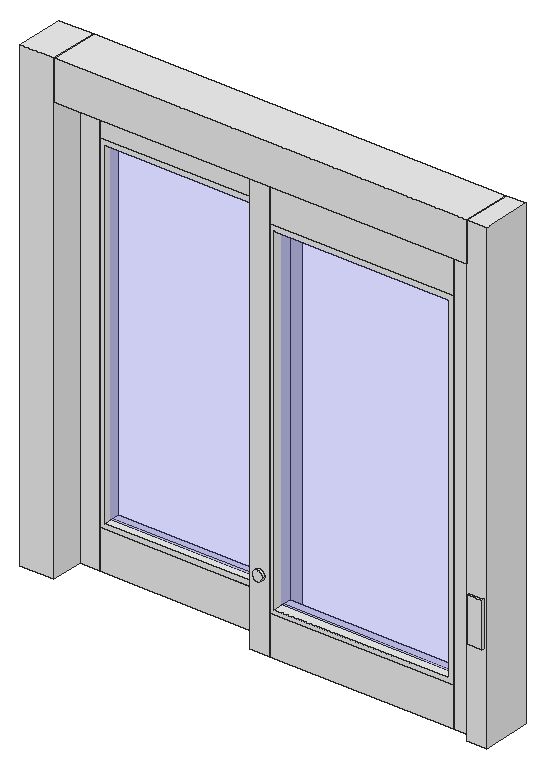
Revit family
Parameters (values of type "Custom Size")
  z Window Offset [instance] = z Wall Face Distance + Window Offset  # 58.000"
  z Wall Face Distance [instance] = 58.000"
  z Glass Width [instance] = if(Has 0.25 In. Glass, 0.250", if(Has 0.875 In. Glass, 0.875", if(Has 0.75 In. Glass, 0.750", if(Has 0.625 In. Glass, 0.625", if(Has 0.5625 In. Glass, 0.563", if(Has 0.50 In. Glass, 0.500", if(Has 1 In. Glass, 1.000", 0.250")))))))  # 0.250"
  z Glass Thickness [instance] = if(Has 0.25 In. Glass, 0.125", if(Has 0.875 In. Glass, 0.438", if(Has 0.75 In. Glass, 0.375", if(Has 0.625 In. Glass, 0.313", if(Has 0.5625 In. Glass, 0.281", if(Has 0.50 In. Glass, 0.250", if(Has 1 In. Glass, 0.500", 0.125")))))))  # 0.125"
  z Glass Stop Width [instance] = if(z Glass Width > 0.250", 1.000", 0.500")  # 0.500"
  Window Offset [instance] = 0.000"
  URL = "http://www.nabcoentrances.com"
  Show Arrows [instance] = no
  Provide Feedback = "https://www.surveymonkey.com/s/ND6LGB7"
  Product Material = Aluminum - NABCO - Clear
  Product Documentation Link = "http://www.nabcoentrances.com/uploaded_items/GT1500-01R-A%20Single%20RH%20Automatic%20Conv%20Window%208-27-10.pdf"
  Part Number = "GT1500-01R-A"  # constant formula
  Part Description = Description  # "Automatic, Single Slide, Right Hand"
  Original Creation Date = "March 8, 2012"  # constant formula
  Model ID = "8219C969-24A2-46F2-AF95-B22C7A36AF61"  # constant formula
  Model Disclaimer = "This model represents a highly customizable product.  Contact NABCO Entrances Inc. for more information"  # constant formula
  Model = Part Number  # "GT1500-01R-A"
  Manufacturer = "NABCO Entrances Inc."  # constant formula
  Is Void = yes
  Height = 47.500"
  Has 1 In. Glass [instance] = no
  Has 0.875 In. Glass [instance] = no
  Has 0.75 In. Glass [instance] = no
  Has 0.625 In. Glass [instance] = no
  Has 0.5625 In. Glass [instance] = no
  Has 0.50 In. Glass [instance] = no
  Has 0.25 In. Glass [instance] = yes
  Glass Thickness [instance] = if(if(Has 0.25 In. Glass, 1, 0) + if(Has 0.50 In. Glass, 1, 0) + if(Has 0.5625 In. Glass, 1, 0) + if(Has 0.625 In. Glass, 1, 0) + if(Has 0.75 In. Glass, 1, 0) + if(Has 0.875 In. Glass, 1, 0) + if(Has 1 In. Glass, 1, 0) > 1, "ERROR: Select Only One Glass Option", if(if(Has 0.25 In. Glass, 1, 0) + if(Has 0.50 In. Glass, 1, 0) + if(Has 0.5625 In. Glass, 1, 0) + if(Has 0.625 In. Glass, 1, 0) + if(Has 0.75 In. Glass, 1, 0) + if(Has 0.875 In. Glass, 1, 0) + if(Has 1 In. Glass, 1, 0) < 1, "ERROR: Select a Glass Option", if(Has 0.25 In. Glass, "0.25 In.", if(Has 0.875 In. Glass, "0.875 In.", if(Has 0.75 In. Glass, "0.75 In.", if(Has 0.625 In. Glass, "0.625 In.", if(Has 0.5625 In. Glass, "0.5625 In.", if(Has 0.50 In. Glass, "0.5 In.", if(Has 1 In. Glass, "1 In.", "ERROR: Select a Glass Option")))))))))  # "0.25 In."
  Family Version = "1.0.0"  # constant formula
  Equipment Number [instance] = ""
  Equipment Abbreviation = "ASW"
  Description = "Automatic, Single Slide, Right Hand"
  Default Sill Height = 36.000"
  Wall Closure = (empty or 0)
  Width = 47.500"
  Date Last Modified = "March 9, 2012"  # constant formula
  Copyright = "Copyright © NABCO Entrances Inc."  # constant formula
Types (6): name | Part Description | Height | Description | Width
  (no name) | "Automatic, Single Slide, Right Hand" | 47.500" | "Automatic, Single Slide, Right Hand" | 47.500"
  47.5" x 43.5" | "Automatic, Single Slide, Right Hand" | 47.500" | "Automatic, Single Slide, Right Hand" | 47.500"
  47.5" x 35.75" | "Automatic, single slide, right hand" | 35.750" | "Automatic, single slide, right hand" | 47.500"
  47.5" x 30" | "Automatic, single slide, right hand" | 30.000" | "Automatic, single slide, right hand" | 47.500"
  35.75" x 35.75" | "Automatic, single slide, right hand" | 35.750" | "Automatic, single slide, right hand" | 35.750"
  Custom Size | "Automatic, Single Slide, Right Hand" | 47.500" | "Automatic, Single Slide, Right Hand" | 47.500"
Reference planes (in)
  plane 1 "Center (Front/Back)": y = 0
  plane 2: z = 0
  plane 3 "Center (Left/Right)": x = 0
  plane 4 "Left": x = -23.75
  plane 5 "Right": x = 23.75
  plane 6 "Sill": z = 36
  plane 7 "Top": z = 83.5
  plane 8 "Interior Glass Exterior": y = -0.0938
  plane 9 "Interior Glass Interior": y = -0.3438
  plane 10 "Exterior Glass Interior": y = 2
  plane 11 "Exterior Glass Exterior": y = 2.25
  plane 12 "Exterior Center": y = 2.125
  plane 13 "Interior Center": y = -0.2188
  plane 14: y = 0.75
  plane 15: y = -1.18759
  plane 16: y = 1.25
  plane 17 "Exterior": y = 3
  plane 18: x = -18.25
  plane 19: x = 19.75
  plane 20: x = -1
  plane 21: x = 1
  plane 22: x = -17.75
  plane 23: x = 19.25
  plane 24: z = 40
  plane 25: z = 75.5
  plane 26: z = 40.5
  plane 27: z = 75
  plane 28: x = -20.25
  plane 29: x = 21.75
  plane 30: z = 79.5
  plane 31: y = -2
  plane 32: x = 1.5
  plane 33: x = -1.5
  plane 34 "Window Center": y = 0
  plane 35 "Offset Reference": y = 61
Forms (in)
  Sweep 1, solid, material "Aluminum - NABCO - Clear" <- "Product Material"
    path origin (0, 0, 0) x (1, 0, 0) y (0, 0, 1)
      loop
        line (-23.75, 36) -> (-23.75, 83.5)
    profile origin (-23.75, 0, 59.75) x (-1, 0, 0) y (0, -1, 0)
      loop
        line (0, -3) -> (0, 2) -> (-3.5, 2) -> (-3.5, -3) -> (0, -3)
  Sweep 2, solid, material "Aluminum - NABCO - Clear" <- "Product Material"
    path origin (0, 0, 0) x (1, 0, 0) y (0, 0, 1)
      loop
        line (-20.25, 83.5) -> (21.75, 83.5)
    profile origin (0.75, 0, 83.5) x (0, 0, 1) y (0, -1, 0)
      loop
        line (0, -3) -> (0, 2) -> (-4, 2) -> (-4, -3) -> (0, -3)
  Sweep 3, solid, material "Aluminum - NABCO - Clear" <- "Product Material"
    path origin (0, 0, 0) x (1, 0, 0) y (0, 0, 1)
      loop
        line (23.75, 36) -> (23.75, 83.5)
    profile origin (23.75, 0, 59.75) x (-1, 0, 0) y (0, -1, 0)
      loop
        line (2, -3) -> (2, 2) -> (0, 2) -> (0, -3) -> (2, -3)
  Sweep 4, solid, material "Aluminum - NABCO - Clear" <- "Product Material"
    path origin (0, 0, 0) x (1, 0, 0) y (0, 0, 1)
      loop
        line (-20.25, 36) -> (-20.25, 79.5)
    profile origin (-20.25, 0, 57.75) x (-1, 0, 0) y (0, -1, 0)
      loop
        line (0, -3) -> (0, -1.25) -> (-2, -1.25) -> (-2, -3) -> (0, -3)
  Sweep 5, solid, material "Aluminum - NABCO - Clear" <- "Product Material"
    path origin (0, 0, 0) x (1, 0, 0) y (0, 0, 1)
      loop
        line (0, 36) -> (0, 79.5)
    profile origin (0, 0, 57.75) x (-1, 0, 0) y (0, -1, 0)
      loop
        line (1, -0.75) -> (1, 1.18759) -> (-1, 1.18759) -> (-1, -0.75) -> (1, -0.75)
  Sweep 6, solid, material "Aluminum - NABCO - Clear" <- "Product Material"
    path origin (0, 0, 0) x (1, 0, 0) y (0, 0, 1)
      loop
        line (0, 36) -> (0, 79.5)
    profile origin (0, 0, 57.75) x (-1, 0, 0) y (0, -1, 0)
      loop
        line (1, -3) -> (1, -1.25) -> (-1, -1.25) -> (-1, -3) -> (1, -3)
  Sweep 7, solid, material "Aluminum - NABCO - Clear" <- "Product Material"
    path origin (0, 0, 0) x (1, 0, 0) y (0, 0, 1)
      loop
        line (21.75, 36) -> (21.75, 79.5)
    profile origin (21.75, 0, 57.75) x (-1, 0, 0) y (0, -1, 0)
      loop
        line (2, -0.75) -> (2, 1.18759) -> (0, 1.18759) -> (0, -0.75) -> (2, -0.75)
  Sweep 8, solid, material "Aluminum - NABCO - Clear" <- "Product Material"
    path origin (0, 0, 0) x (1, 0, 0) y (0, 0, 1)
      loop
        line (-18.25, 36) -> (-1, 36)
    profile origin (-9.625, 0, 36) x (0, 0, 1) y (0, -1, 0)
      loop
        line (4, -3) -> (4, -1.25) -> (0, -1.25) -> (0, -3) -> (4, -3)
  Sweep 9, solid, material "Aluminum - NABCO - Clear" <- "Product Material"
    path origin (0, 0, 0) x (1, 0, 0) y (0, 0, 1)
      loop
        line (1, 36) -> (19.75, 36)
    profile origin (10.375, 0, 36) x (0, 0, 1) y (0, -1, 0)
      loop
        line (4, -0.75) -> (4, 1.18759) -> (0, 1.18759) -> (0, -0.75) -> (4, -0.75)
  Sweep 10, solid, material "Aluminum - NABCO - Clear" <- "Product Material"
    path origin (0, 0, 0) x (1, 0, 0) y (0, 0, 1)
      loop
        line (-18.25, 79.5) -> (-1, 79.5)
    profile origin (-9.625, 0, 79.5) x (0, 0, 1) y (0, -1, 0)
      loop
        line (0, -3) -> (0, -1.25) -> (-4, -1.25) -> (-4, -3) -> (0, -3)
  Sweep 11, solid, material "Aluminum - NABCO - Clear" <- "Product Material"
    path origin (0, 0, 0) x (1, 0, 0) y (0, 0, 1)
      loop
        line (1, 79.5) -> (19.75, 79.5)
    profile origin (10.375, 0, 79.5) x (0, 0, 1) y (0, -1, 0)
      loop
        line (0, -0.75) -> (0, 1.18759) -> (-4, 1.18759) -> (-4, -0.75) -> (0, -0.75)
  Sweep 12, solid, material "Aluminum - NABCO - Clear" <- "Product Material"
    path origin (0, 0, 0) x (1, 0, 0) y (0, 0, 1)
      loop
        line (-17.75, 75) -> (-17.75, 40.5) -> (-1.5, 40.5) -> (-1.5, 75) -> (-17.75, 75)
    profile origin (-9.625, 0, 75) x (0, 0, 1) y (0, -1, 0)
      loop
        line (0.5, -3) -> (0.5, -1.25) -> (0, -1.25) -> (0, -3) -> (0.5, -3)
  Sweep 13, solid, material "Aluminum - NABCO - Clear" <- "Product Material"
    path origin (0, 0, 0) x (1, 0, 0) y (0, 0, 1)
      loop
        line (1.5, 75) -> (1.5, 40.5) -> (19.25, 40.5) -> (19.25, 75) -> (1.5, 75)
    profile origin (10.375, 0, 75) x (0, 0, 1) y (0, -1, 0)
      loop
        line (0.5, -0.75) -> (0.5, 1.18759) -> (0, 1.18759) -> (0, -0.75) -> (0.5, -0.75)
  Extrusion 14, solid, material "Paint - NABCO - Blue", visible <- "Show Arrows"
    sketch origin (0, -0.0938, 0) x (-1, 0, 0) y (0, 0, 1)
      loop
        line (-10.375, 59.25) -> (-14, 59.25) -> (-14, 56.25) -> (-10.375, 56.25) -> (-10.375, 54.125) -> (-6.75, 57.75) -> (-10.375, 61.375) -> (-10.375, 59.25)
    from 0 to 0.0625
  Extrusion 15, solid, material "Glass"
    sketch origin (0, -0.2188, 0) x (-1, 0, 0) y (0, 0, 1)
      loop
        line (1.5, 75) -> (1.5, 40.5) -> (17.75, 40.5) -> (17.75, 75) -> (1.5, 75)
    from 2.2188 to 2.4688
  Extrusion 16, solid, material "Glass"
    sketch origin (0, 2.125, 0) x (-1, 0, 0) y (0, 0, 1)
      loop
        line (-19.25, 40.5) -> (-1.5, 40.5) -> (-1.5, 75) -> (-19.25, 75) -> (-19.25, 40.5)
    from -2.2188 to -2.4688
  Extrusion 17, solid, material "Aluminum - NABCO - Clear" <- "Product Material", detail levels fine
    sketch origin (-61.26082, -1.18759, 48) x (-1, 0, 0) y (0, 0, 1)
      loop
        circle (-61.26082, -4.85398) r 0.5
    from 0 to -0.25
  Extrusion 18, solid, material "Aluminum - NABCO - Clear" <- "Product Material", detail levels fine
    sketch origin (-61.26082, -2, 48) x (-1, 0, 0) y (0, 0, 1)
      loop
        line (-83.26082, 1.5) -> (-84.76082, 1.5) -> (-84.76082, -3) -> (-83.26082, -3) -> (-83.26082, 1.5)
    from 0 to -0.25
Lines and regions (in)
  Opening 1
    outline origin (-60, -3, 0) x (1, 0, 0) y (0, 0, 1)
      loop
        line (36.25, 83.5) -> (36.25, 36) -> (83.75, 36) -> (83.75, 83.5) -> (36.25, 83.5)
  Masking region 1, visible <- "Show Arrows"
    outline origin (0, 0, 0) x (1, 0, 0) y (0, 0, 1)
      loop
        line (10.375, 54.125) -> (10.375, 56.25) -> (14, 56.25) -> (14, 59.25) -> (10.375, 59.25) -> (10.375, 61.375) -> (6.75, 57.75) -> (10.375, 54.125)
  Masking region 2
    outline origin (0, 0, 36) x (0, -1, 0) y (1, 0, 0)
      loop
        line (2, -23.75) -> (2, -20.25) -> (-1.25, -20.25) -> (-1.25, 1) -> (-3, 1) -> (-3, -23.75) -> (2, -23.75)
      loop
        line (-0.75, -1) -> (1.18759, -1) -> (1.18759, 21.75) -> (2, 21.75) -> (2, 23.75) -> (-3, 23.75) -> (-3, 21.75) -> (-0.75, 21.75) -> (-0.75, -1)
  symbolic lines, style "WindowsFrameMullionProjection"
    curve 1: line (-20.25, 1.25, 36) -> (-20.25, 3, 36)
    curve 9: line (21.75, -1.18759, 36) -> (21.75, 0.75, 36)
  symbolic lines, style "WindowsFrameMullionProjection", detail levels fine
    curve 2: line (-18.25, 1.25, 36) -> (-18.25, 3, 36)
    curve 3: line (-17.75, 1.25, 36) -> (-17.75, 3, 36)
    curve 4: line (-1.5, 3, 36) -> (-1.5, 1.25, 36)
    curve 5: line (-1, 1.25, 36) -> (-1, 3, 36)
    curve 6: line (1.5, -1.18759, 36) -> (1.5, 0.75, 36)
    curve 7: line (19.25, 0.75, 36) -> (19.25, -1.18759, 36)
    curve 8: line (19.75, -1.18759, 36) -> (19.75, 0.75, 36)
    curve 10: line (-1, 1.25, 36) -> (1, 1.25, 36)
    curve 11: line (-1, 0.75, 36) -> (1, 0.75, 36)
    curve 20: line (1, 0.75, 36) -> (1, -1.18759, 36)
  symbolic lines, style "WindowsGlassProjection", detail levels fine
    curve 12: line (-17.75, 2.25, 36) -> (-1.5, 2.25, 36)
    curve 13: line (-17.75, 2, 36) -> (-17.75, 2.25, 36)
    curve 14: line (-1.5, 2, 36) -> (-17.75, 2, 36)
    curve 15: line (-1.5, 2.25, 36) -> (-1.5, 2, 36)
    curve 16: line (1.5, -0.0938, 36) -> (19.25, -0.0938, 36)
    curve 17: line (1.5, -0.3438, 36) -> (1.5, -0.0938, 36)
    curve 18: line (19.25, -0.3438, 36) -> (1.5, -0.3438, 36)
    curve 19: line (19.25, -0.0938, 36) -> (19.25, -0.3438, 36)
Text (in)
  text "EXTERIOR" at (-58.6888, 50.90694, 0), in view "Ref. Level"
  text "INTERIOR" at (-58.6888, -37.76638, 0), in view "Ref. Level"
  text "Exterior" at (0, 43.65631, 123.19604), in view "Left"
  text "Exterior" at (0, 18.29385, 125.04747), in view "Right"
Dimensions and locks (in)
  equal spacing: plane 4 "Left", plane 3 "Center (Left/Right)", plane 5 "Right"
  "Width": plane 4 "Left" to plane 5 "Right"
  "Height": plane 6 "Sill" to plane 7 "Top"
  "Default Sill Height": plane 2 to plane 6 "Sill"
  "z Glass Stop Width": plane 18 to plane 22
  "z Glass Stop Width": plane 33 to plane 20
  "z Glass Stop Width": plane 21 to plane 32
  "z Glass Stop Width": plane 23 to plane 19
  "z Glass Stop Width": plane 26 to plane 24
  "z Glass Stop Width": plane 25 to plane 27
  plane 4 "Left" to plane 28 to plane 18 = 3.500" locked, 2.000" locked
  plane 19 to plane 29 to plane 5 "Right" = 2.000" locked, 2.000" locked
  equal spacing: plane 20, plane 3 "Center (Left/Right)", plane 21
  locked: plane 20 to plane 21 at 2
  locked: plane 24 to plane 6 "Sill" at 4
  plane 7 "Top" to plane 30 to plane 25 = 4.000" locked, 4.000" locked
  equal spacing: plane 27, Extrusion 14 sketch curve, plane 26
  Extrusion 14 sketch curve to Extrusion 14 sketch curve to Extrusion 14 sketch curve to Extrusion 14 sketch curve to Extrusion 14 sketch curve = 2.125" locked, 1.500" locked, 1.500" locked, 2.125" locked
  equal spacing: Extrusion 14 sketch curve, Extrusion 14 sketch curve, Extrusion 14 sketch curve, locked at 3.625 each
  equal spacing: plane 32, Extrusion 14 sketch curve, plane 23
  equal spacing: Masking region 1 sketch curve, Masking region 1 sketch curve, Masking region 1 sketch curve
  Masking region 1 sketch curve to Masking region 1 sketch curve to Masking region 1 sketch curve to Masking region 1 sketch curve to Masking region 1 sketch curve = 2.125" locked, 1.500" locked, 1.500" locked, 2.125" locked
  equal spacing: plane 27, Masking region 1 sketch curve, plane 26
  equal spacing: plane 32, Masking region 1 sketch curve, plane 23
  plane 17 "Exterior" to plane 12 "Exterior Center" to plane 16 to plane 14 to plane 13 "Interior Center" to plane 15 to plane 31 = 0.875" locked, 0.875" locked, 0.500" locked, 0.9688" locked, 0.9688" locked, 0.81241" locked
  locked: plane 17 "Exterior" to plane 34 "Window Center" at 3
  "z Glass Thickness": plane 11 "Exterior Glass Exterior" to plane 12 "Exterior Center"
  "z Glass Thickness": plane 12 "Exterior Center" to plane 10 "Exterior Glass Interior"
  "z Glass Thickness": plane 8 "Interior Glass Exterior" to plane 13 "Interior Center"
  "z Glass Thickness": plane 13 "Interior Center" to plane 9 "Interior Glass Interior"
  "z Window Offset": plane 35 "Offset Reference" to plane 17 "Exterior"
  "z Wall Face Distance": plane 35 "Offset Reference" to host wall
  aligned and locked: plane 7 "Top" to Opening 1 sketch curve
  aligned and locked: plane 6 "Sill" to Opening 1 sketch curve  (x2)
  aligned and locked: plane 5 "Right" to Opening 1 sketch curve
  aligned and locked: plane 4 "Left" to Opening 1 sketch curve
  aligned and locked: level to plane 2
  aligned and locked: plane 7 "Top" to Sweep 1 sketch curve
  aligned and locked: plane 6 "Sill" to Sweep 1 sketch curve
  aligned and locked: Sweep 1 sketch curve to plane 4 "Left"  (x2)
  aligned and locked: plane 28 to Sweep 1 sketch curve
  aligned and locked: plane 31 to Sweep 1 sketch curve
  aligned and locked: Sweep 1 sketch curve to plane 17 "Exterior"
  aligned and locked: plane 28 to Sweep 2 sketch curve
  aligned and locked: plane 29 to Sweep 2 sketch curve
  aligned and locked: plane 7 "Top" to Sweep 2 sketch curve  (x2)
  aligned and locked: plane 31 to Sweep 2 sketch curve
  aligned and locked: plane 30 to Sweep 2 sketch curve
  aligned and locked: Sweep 2 sketch curve to plane 17 "Exterior"
  aligned and locked: plane 6 "Sill" to Sweep 3 sketch curve
  aligned and locked: plane 7 "Top" to Sweep 3 sketch curve
  aligned and locked: Sweep 3 sketch curve to plane 5 "Right"
  aligned and locked: plane 5 "Right" to Sweep 3 sketch curve
  aligned and locked: Sweep 3 sketch curve to plane 29
  aligned and locked: Sweep 3 sketch curve to plane 17 "Exterior"
  aligned and locked: plane 31 to Sweep 3 sketch curve
  aligned and locked: plane 30 to Sweep 4 sketch curve
  aligned and locked: plane 6 "Sill" to Sweep 4 sketch curve
  aligned and locked: Sweep 4 sketch curve to plane 28  (x2)
  aligned and locked: plane 18 to Sweep 4 sketch curve
  aligned and locked: plane 6 "Sill" to Sweep 5 sketch curve
  aligned and locked: plane 30 to Sweep 5 sketch curve
  aligned and locked: plane 3 "Center (Left/Right)" to Sweep 5 sketch curve
  aligned and locked: plane 15 to Sweep 5 sketch curve
  aligned and locked: Sweep 5 sketch curve to plane 20
  aligned and locked: Sweep 5 sketch curve to plane 14
  aligned and locked: plane 21 to Sweep 5 sketch curve
  aligned and locked: plane 30 to Sweep 6 sketch curve
  aligned and locked: plane 6 "Sill" to Sweep 6 sketch curve
  aligned and locked: plane 3 "Center (Left/Right)" to Sweep 6 sketch curve
  aligned and locked: plane 16 to Sweep 6 sketch curve
  aligned and locked: plane 21 to Sweep 6 sketch curve
  aligned and locked: Sweep 6 sketch curve to plane 20
  aligned and locked: Sweep 6 sketch curve to plane 17 "Exterior"
  aligned and locked: plane 30 to Sweep 7 sketch curve
  aligned and locked: plane 6 "Sill" to Sweep 7 sketch curve
  aligned and locked: Sweep 7 sketch curve to plane 29
  aligned and locked: Sweep 7 sketch curve to plane 19
  aligned and locked: plane 29 to Sweep 7 sketch curve
  aligned and locked: plane 18 to Sweep 8 sketch curve
  aligned and locked: plane 20 to Sweep 8 sketch curve
  aligned and locked: plane 6 "Sill" to Sweep 8 sketch curve
  aligned and locked: Sweep 8 sketch curve to plane 6 "Sill"
  aligned and locked: Sweep 8 sketch curve to plane 24
  aligned and locked: plane 21 to Sweep 9 sketch curve
  aligned and locked: plane 19 to Sweep 9 sketch curve
  aligned and locked: plane 6 "Sill" to Sweep 9 sketch curve
  aligned and locked: Sweep 9 sketch curve to plane 6 "Sill"
  aligned and locked: Sweep 9 sketch curve to plane 24
  aligned and locked: plane 18 to Sweep 10 sketch curve
  aligned and locked: plane 20 to Sweep 10 sketch curve
  aligned and locked: Sweep 10 sketch curve to plane 30  (x2)
  aligned and locked: plane 25 to Sweep 10 sketch curve
  aligned and locked: plane 19 to Sweep 11 sketch curve
  aligned and locked: plane 21 to Sweep 11 sketch curve
  aligned and locked: Sweep 11 sketch curve to plane 30  (x2)
  aligned and locked: plane 25 to Sweep 11 sketch curve
  aligned and locked: Sweep 12 sketch curve to plane 27
  aligned and locked: Sweep 12 sketch curve to plane 22
  aligned and locked: plane 26 to Sweep 12 sketch curve
  aligned and locked: plane 33 to Sweep 12 sketch curve
  aligned and locked: plane 27 to Sweep 12 sketch curve
  aligned and locked: Sweep 12 sketch curve to plane 25
  aligned and locked: Sweep 13 sketch curve to plane 32
  aligned and locked: plane 26 to Sweep 13 sketch curve
  aligned and locked: plane 23 to Sweep 13 sketch curve
  aligned and locked: Sweep 13 sketch curve to plane 27
  aligned and locked: plane 27 to Sweep 13 sketch curve
  aligned and locked: Sweep 13 sketch curve to plane 25
  aligned and locked: Sweep 4 sketch curve to plane 17 "Exterior"
  aligned and locked: plane 16 to Sweep 4 sketch curve
  aligned and locked: Sweep 12 sketch curve to plane 17 "Exterior"
  aligned and locked: plane 16 to Sweep 12 sketch curve
  aligned and locked: Sweep 8 sketch curve to plane 17 "Exterior"
  aligned and locked: plane 16 to Sweep 8 sketch curve
  aligned and locked: plane 15 to Sweep 13 sketch curve
  aligned and locked: Sweep 13 sketch curve to plane 14
  aligned and locked: plane 15 to Sweep 7 sketch curve
  aligned and locked: Sweep 7 sketch curve to plane 14
  aligned and locked: plane 15 to Sweep 9 sketch curve
  aligned and locked: Sweep 9 sketch curve to plane 14
  aligned and locked: Extrusion 14 sketch curve to Extrusion 14 sketch curve
  aligned and locked: Sweep 11 sketch curve to plane 15
  aligned and locked: plane 14 to Sweep 11 sketch curve
  aligned and locked: plane 17 "Exterior" to curve 1
  aligned and locked: plane 17 "Exterior" to curve 2
  aligned and locked: plane 17 "Exterior" to curve 3
  aligned and locked: plane 17 "Exterior" to curve 4
  aligned and locked: plane 17 "Exterior" to curve 5
  aligned and locked: plane 16 to curve 1
  aligned and locked: plane 16 to curve 2
  aligned and locked: plane 16 to curve 3
  aligned and locked: plane 16 to curve 4
  aligned and locked: plane 14 to curve 6
  aligned and locked: plane 14 to curve 7
  aligned and locked: plane 14 to curve 8
  aligned and locked: plane 14 to curve 9
  aligned and locked: plane 15 to curve 6
  aligned and locked: plane 15 to curve 7
  aligned and locked: plane 15 to curve 8
  aligned and locked: plane 15 to curve 9
  aligned and locked: curve 1 to plane 28
  aligned and locked: curve 2 to plane 18
  aligned and locked: curve 3 to plane 22
  aligned and locked: plane 33 to curve 4
  aligned and locked: curve 5 to plane 20
  aligned and locked: curve 6 to plane 32
  aligned and locked: plane 21 to curve 10
  aligned and locked: curve 10 to plane 16
  aligned and locked: curve 11 to plane 14
  aligned and locked: plane 23 to curve 7
  aligned and locked: curve 8 to plane 19
  aligned and locked: curve 9 to plane 29
  aligned and locked: curve 13 to plane 22
  aligned and locked: plane 33 to curve 15
  aligned and locked: plane 10 "Exterior Glass Interior" to curve 14
  aligned and locked: curve 12 to plane 11 "Exterior Glass Exterior"
  aligned and locked: curve 17 to plane 32
  aligned and locked: plane 23 to curve 19
  aligned and locked: plane 9 "Interior Glass Interior" to curve 18
  aligned and locked: curve 16 to plane 8 "Interior Glass Exterior"
  aligned and locked: plane 17 "Exterior" to Sweep 10 sketch curve
  aligned and locked: Sweep 10 sketch curve to plane 16
  aligned and locked: plane 26 to Extrusion 15 sketch curve
  aligned and locked: Extrusion 15 sketch curve to plane 22
  aligned and locked: plane 33 to Extrusion 15 sketch curve
  aligned and locked: Extrusion 15 sketch curve to plane 27
  aligned and locked: Extrusion 15 to plane 10 "Exterior Glass Interior"
  aligned and locked: plane 11 "Exterior Glass Exterior" to Extrusion 15
  aligned and locked: plane 27 to Extrusion 16 sketch curve
  aligned and locked: plane 32 to Extrusion 16 sketch curve
  aligned and locked: Extrusion 16 sketch curve to plane 23
  aligned and locked: Extrusion 16 sketch curve to plane 26
  aligned and locked: Extrusion 16 to plane 8 "Interior Glass Exterior"
  aligned and locked: Extrusion 16 to plane 9 "Interior Glass Interior"
  aligned and locked: plane 17 "Exterior" to Masking region 2 sketch curve  (x2)
  aligned and locked: Masking region 2 sketch curve to plane 4 "Left"
  aligned and locked: plane 31 to Masking region 2 sketch curve
  aligned and locked: plane 28 to Masking region 2 sketch curve
  aligned and locked: Masking region 2 sketch curve to plane 16
  aligned and locked: Masking region 2 sketch curve to plane 21
  aligned and locked: Masking region 2 sketch curve to plane 14
  aligned and locked: Masking region 2 sketch curve to plane 20
  aligned and locked: plane 15 to Masking region 2 sketch curve
  aligned and locked: plane 29 to Masking region 2 sketch curve  (x2)
  aligned and locked: Masking region 2 sketch curve to plane 31
  aligned and locked: Masking region 2 sketch curve to plane 5 "Right"
Automatic sketch dimensions
  Masking region 1 sketch curve to Masking region 1 sketch curve = 0.000"
  curve 20 to plane 15 = 0.000"
  curve 11 to plane 20 = 0.000"
  curve 20 to plane 21 = 0.000"
  Extrusion 17 sketch curve to plane 3 "Center (Left/Right)" = 0.000"
  plane 26 to Extrusion 17 sketch curve = 2.64602"
  plane 5 "Right" to Extrusion 18 sketch curve = 1.750"
  Extrusion 18 sketch curve to Extrusion 18 sketch curve = 1.500"
  plane 26 to Extrusion 18 sketch curve = 4.500"
  Extrusion 18 sketch curve to Extrusion 18 sketch curve = 4.500"
  radius of Extrusion 17 sketch curve = 0.500"
